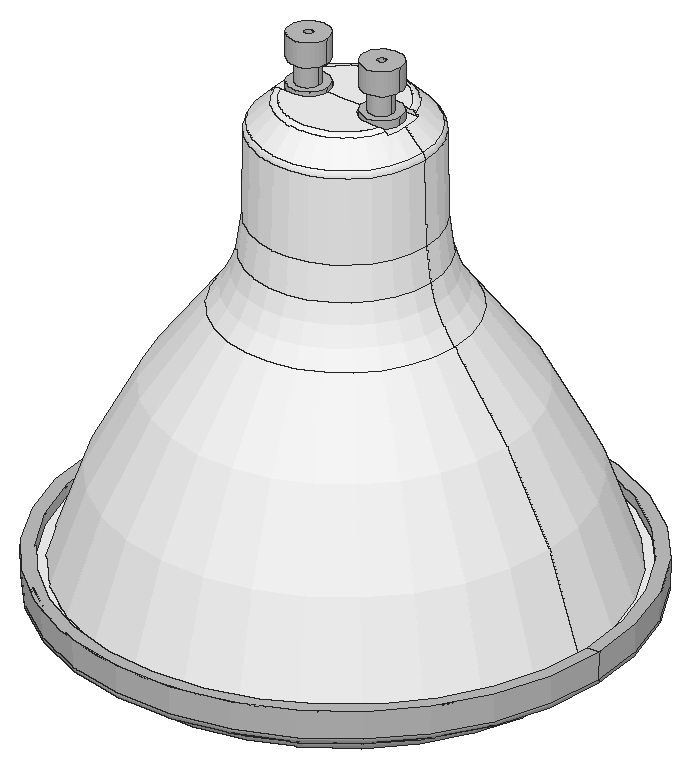
Revit family "STH6436_27", category Luminárias, Revit 2023
Family settings
  Cota do conector redondo = Utilizar diâmetro
  Tipo de parte = Normal
  Com base no plano de trabalho = Não
  Sempre na vertical = Sim
  Corte com vazios quando carregada = Não
  Fonte luminosa = Sim
  Manter orientação da anotação = Não
  Compartilhado = Não
  Ponto de cálculo do ambiente = Não
Parameters (values of type "STH6436/27 - BIVOLT - 2700K - 300lm - 24º")
  Ângulo de inclinação = 90.00°
  Ângulo de Abertura = "24º"
  Wattage = 2.01963 W
  URL = "https://stella.com.br/"
  Troca de temperatura da cor de lâmpada com esmaecimento = <Nenhum>
  Tensão Elétrica = "100V-240V"
  built-in parameter 1150107 = 2700 (stored number, unit not read)
  Temperatura da cor (K) = 2700 K
  Referência = "STH6436/27 - BIVOLT"
  Potência = 4.8 W
  built-in parameter 1150110 = 1 (stored number, unit not read)
  built-in parameter 1150109 = 1 (stored number, unit not read)
  built-in parameter 1114218 = 1 (stored number, unit not read)
  built-in parameter 1150112 = 1 (stored number, unit not read)
  built-in parameter 1150113 = 1 (stored number, unit not read)
  built-in parameter 1150142 = "IESNA:LM-63-2002\r\n[TEST] Viso BaseSpion - serial: 2183678036 sensor serial: 1483989726\r\n[TESTLAB] Viso BaseSpion - serial: 2183678036 sensor serial: 1483989726 - Test lab\r\n[MANUFAC] N/A\r\n[ISSUEDATE] 08/04/2020\r\n[LUMINAIRE] STELLA - STH6436/27 - AR70 EVO 24° 4,8W BDT\r\n[LUMCAT] N/A\r\n[_SERIALNUMBER] VFR-200408-0596-MS\r\nTILT=NONE\r\n1 365 1 181 9 1 2 0 0.09 0\r\n1.0 1.0 4.88\r\n0 1 2 3 4 5 6 7 8 9 10 11 12 13 14 15 16 17 18 19 20 21 22 23 24 25 26 27 28 29 30 31 32 33 34 35 36 37 38 39 40 41 42 43 44 45 46 47 48 49 50 51 52 53 54 55 56 57 58 59 60 61 62 63 64 65 66 67 68 69 70 71 72 73 74 75 76 77 78 79 80\r\n 81 82 83 84 85 86 87 88 89 90 91 92 93 94 95 96 97 98 99 100 101 102 103 104 105 106 107 108 109 110 111 112 113 114 115 116 117 118 119 120 121 122 123 124 125 126 127 128 129 130 131 132 133 134 135 136 137 138 139 140 141 142 143\r\n 144 145 146 147 148 149 150 151 152 153 154 155 156 157 158 159 160 161 162 163 164 165 166 167 168 169 170 171 172 173 174 175 176 177 178 179 180\r\n0 45 90 135 180 225 270 315 360 \r\n1092.5419 1089.2612 1072.1082 1043.6918 1006.6356 961.1347 907.0957 846.9178 782.9855 716.5441 649.9203 584.5883 521.8948 462.5318 407.7841 358.5035 314.173 274.5703 239.9458 210.277 184.554 162.7451 145.2984 132.0212 121.952 114.0833\r\n 107.5819 102.18 97.9442 94.9126 92.7533 91.1906 90.2044 89.5968 89.238 88.9262 88.3019 87.5664 87.0291 86.6408 86.4106 86.3913 86.3413 86.4428 86.6311 86.449 84.585 80.4844 74.5792 67.6713 60.5529 53.7477 47.3291 41.0318 35.1216 29.7951\r\n 25.0293 20.7919 17.12 13.6083 10.1761 7.7708 6.9507 6.529 6.245 5.9643 5.6966 5.5573 5.5081 5.414 5.2585 5.0267 4.3838 3.2679 1.8174 0.8235 0.4316 0.2347 0.18 0.1531 0.1205 0.0862 0.0867 0.0805 0.0625 0.0547 0.0423 0.0428 0.0453 0.0468\r\n 0.0588 0.0501 0.0412 0.0366 0.0281 0.0257 0.0362 0.0391 0.0527 0.0294 0.0331 0.0508 0.0466 0.0376 0.0409 0.0082 0 0 0 0 0 0 0 0 0 0 0 0 0 0 0 0 0 0 0 0 0 0 0 0 0 0 0 0 0 0 0 0 0 0 0 0 0 0 0 0 0 0 0 0 0 0 0 0 0 0 0 0 0 0 0 0 0 0 0\r\n 0 0 0 0 0 0 0 0 0 0 0 0 0 0 0 0\r\n1092.5419 1086.0067 1066.0554 1033.9978 993.3612 945.3686 889.5496 827.5864 761.0504 693.1555 626.0253 561.1747 499.9431 442.2817 389.2595 341.5992 298.3304 259.2676 225.7032 197.2823 172.9473 152.5478 136.0599 123.2715 113.0244 104.7796\r\n 98.2998 93.2356 89.297 86.3548 84.0007 82.1524 80.7501 79.8263 79.1351 78.5894 78.0458 77.5724 76.9778 76.3534 75.744 75.3178 74.9675 74.6839 74.4879 74.0294 72.3402 68.7996 63.9359 58.2481 52.1883 46.222 40.405 34.8149 29.6383 25.0424\r\n 21.0589 17.5498 14.4157 11.4005 8.6137 6.9352 6.3579 5.9821 5.6588 5.3609 5.1214 4.9231 4.8363 4.7082 4.504 4.1453 3.4463 2.512 1.4426 0.7047 0.3481 0.1475 0.0874 0.0582 0.0696 0.0625 0.0515 0.0551 0.0579 0.0585 0.0554 0.0504 0.0469\r\n 0.0448 0.0453 0.0401 0.0392 0.0297 0.0293 0.032 0.0267 0.0313 0.0366 0.0368 0.0399 0.0346 0.0262 0.0365 0.0409 0.0353 0 0 0 0 0 0 0 0 0 0 0 0 0 0 0 0 0 0 0 0 0 0 0 0 0 0 0 0 0 0 0 0 0 0 0 0 0 0 0 0 0 0 0 0 0 0 0 0 0 0 0 0 0 0 0 0\r\n 0 0 0 0 0 0 0 0 0 0 0 0 0 0 0 0 0 0 0\r\n1092.5419 1082.4946 1061.3075 1028.1232 985.9565 935.2231 877.7024 815.8375 751.131 684.4109 617.171 551.8822 489.6481 430.8747 377.1746 329.1868 286.0507 247.3676 213.4608 184.7437 161.022 142.2081 128.4741 118.4416 110.3575 103.6665\r\n 98.3541 94.2789 91.1523 88.9368 87.4514 86.3228 85.6707 85.3948 84.9382 84.3848 84.16 84.2166 84.0886 83.7235 83.2587 82.7272 82.3126 82.1371 81.66 80.3044 77.1931 72.4805 66.9202 60.681 54.1301 47.6373 41.4288 35.5215 30.2825 25.6237\r\n 21.4628 17.5201 13.8818 10.3207 8.1326 7.3672 6.9182 6.5942 6.2758 6.023 5.8234 5.771 5.7494 5.5668 5.1899 4.4553 3.262 1.8768 0.8833 0.4705 0.228 0.1728 0.1471 0.1204 0.0653 0.0826 0.0427 0.0427 0.0408 0.036 0.0682 0.0372 0.0329\r\n 0.0355 0.0377 0.0573 0.0469 0.0426 0.0417 0.0384 0.042 0.0447 0.0363 0.0631 0.0563 0.0533 0.0417 0.0481 0.059 0.0123 0 0 0 0 0 0 0 0 0 0 0 0 0 0 0 0 0 0 0 0 0 0 0 0 0 0 0 0 0 0 0 0 0 0 0 0 0 0 0 0 0 0 0 0 0 0 0 0 0 0 0 0 0 0 0 0 0\r\n 0 0 0 0 0 0 0 0 0 0 0 0 0 0 0 0 0 0\r\n1092.5419 1089.267 1069.6449 1038.3289 996.5013 945.1982 887.1699 824.5955 758.2723 690.3759 622.559 554.9786 489.5493 429.0645 374.6151 325.2558 281.1695 242.85 209.3972 180.5423 157.3184 139.4476 125.4801 115.0102 107.3239 101.4453\r\n 96.7594 92.9935 89.9967 87.6264 85.8666 84.7168 83.924 83.5375 83.2587 82.8735 82.5609 82.5909 82.6223 82.3998 81.9366 81.2799 80.8327 80.583 79.8096 77.6253 74.0393 69.0238 62.9969 56.6459 50.4852 44.6072 38.9685 33.464 28.229 23.569\r\n 19.6027 15.9305 12.1615 8.9826 7.7458 7.1831 6.7608 6.4533 6.1668 5.9625 5.8964 5.9275 5.794 5.5833 4.9626 3.9189 2.5256 1.2286 0.6193 0.3207 0.199 0.1239 0.1121 0.0923 0.0738 0.0551 0.0473 0.0434 0.0408 0.0389 0.0369 0.0347 0.0487\r\n 0.0527 0.054 0.0328 0.0388 0.0328 0.0528 0.0297 0.0311 0.0403 0.0323 0.0433 0.0351 0.0314 0.0333 0.0348 0.0337 0.0118 0 0 0 0 0 0 0 0 0 0 0 0 0 0 0 0 0 0 0 0 0 0 0 0 0 0 0 0 0 0 0 0 0 0 0 0 0 0 0 0 0 0 0 0 0 0 0 0 0 0 0 0 0 0 0 0\r\n 0 0 0 0 0 0 0 0 0 0 0 0 0 0 0 0 0 0 0\r\n1092.5419 1084.6514 1061.4503 1025.7654 979.011 922.2311 859.0429 792.1847 722.776 652.5135 583.5615 517.0654 453.3544 394.6157 342.2642 295.5818 254.3905 219.0347 188.9982 164.093 144.3575 129.1232 117.3725 108.2233 101.0555 95.1886\r\n 90.5187 87.1777 84.7883 83.3051 82.1811 81.247 80.6822 80.184 79.7225 79.5808 79.7315 80.2401 80.6054 80.5738 80.546 80.0644 79.9112 79.972 79.3055 77.2255 73.5885 68.4811 62.4427 56.0818 49.7499 43.6847 37.9202 32.6893 27.939 23.633\r\n 19.6736 15.9024 12.0602 8.7549 7.5341 7.0579 6.707 6.4422 6.2006 6.0024 5.9395 5.894 5.7928 5.4903 4.7925 3.7605 2.4519 1.2308 0.5462 0.2644 0.1909 0.1473 0.0908 0.097 0.0954 0.0445 0.0454 0.0342 0.0527 0.0579 0.0434 0.0352 0.0255\r\n 0.0363 0.0448 0.0349 0.0341 0.0365 0.0286 0.0344 0.0427 0.0402 0.0421 0.0494 0.0528 0.0436 0.0335 0.0351 0.0427 0.0288 0 0 0 0 0 0 0 0 0 0 0 0 0 0 0 0 0 0 0 0 0 0 0 0 0 0 0 0 0 0 0 0 0 0 0 0 0 0 0 0 0 0 0 0 0 0 0 0 0 0 0 0 0 0 0 0\r\n 0 0 0 0 0 0 0 0 0 0 0 0 0 0 0 0 0 0 0\r\n1092.5419 1081.6989 1057.2148 1020.2125 972.2452 915.2985 851.996 784.7985 714.9532 645.2401 576.6395 509.8452 446.847 389.6461 338.9607 293.7602 253.7644 219.2848 189.4104 163.8463 143.4646 128.0365 116.0483 106.4093 98.8534 92.9162\r\n 88.1587 84.469 81.5877 79.3683 77.8134 76.8509 76.1179 75.3534 74.5302 73.8707 73.4747 73.1693 72.8653 72.5405 72.109 71.5213 71.1158 70.8689 70.4376 68.872 65.8592 61.482 56.1691 50.4939 44.8458 39.3838 34.1374 29.362 25.0588 21.1433\r\n 17.741 14.7072 11.6308 8.5446 6.9066 6.2956 5.9384 5.6532 5.3923 5.1726 5.0267 4.8944 4.7158 4.5564 4.2003 3.5854 2.6624 1.4476 0.6645 0.2748 0.1215 0.0902 0.1037 0.0643 0.0544 0.0693 0.0401 0.0643 0.0451 0.0406 0.0502 0.0333 0.045\r\n 0.044 0.0286 0.0517 0.0333 0.0604 0.0403 0.0396 0.0439 0.0515 0.0457 0.0372 0.042 0.0277 0.0412 0.0312 0.0449 0.0097 0 0 0 0 0 0 0 0 0 0 0 0 0 0 0 0 0 0 0 0 0 0 0 0 0 0 0 0 0 0 0 0 0 0 0 0 0 0 0 0 0 0 0 0 0 0 0 0 0 0 0 0 0 0 0 0 0\r\n 0 0 0 0 0 0 0 0 0 0 0 0 0 0 0 0 0 0\r\n1092.5419 1082.4747 1062.9331 1032.7535 992.0231 942.5739 886.127 824.8831 759.1731 691.2838 624.1992 559.321 496.6 437.7874 384.6532 336.1691 291.8232 253.3626 220.8321 192.1763 168.122 149.5705 135.7607 124.7582 115.7432 108.6128\r\n 103.1258 99.16 96.4267 94.2305 92.2666 90.6664 89.5218 88.7544 88.4378 88.3388 88.3862 88.1517 87.8469 87.3591 87.2317 87.2587 87.1311 87.1543 87.1612 86.4973 83.4646 78.3008 71.9944 65.3471 58.5203 51.4498 44.5985 38.319 32.8185\r\n 27.9243 23.529 19.5839 15.8957 12.0545 8.5723 7.3328 6.8828 6.5895 6.3533 6.1248 5.9132 5.8652 5.7784 5.6324 5.4093 4.8572 3.8896 2.4977 1.1945 0.5465 0.2872 0.1982 0.1922 0.1413 0.1039 0.0922 0.0717 0.064 0.0692 0.0505 0.0386 0.026\r\n 0.0354 0.036 0.03 0.0495 0.0614 0.0337 0.0313 0.0362 0.0326 0.0372 0.0391 0.0461 0.0505 0.0433 0.0479 0.0533 0.0434 0.039 0 0 0 0 0 0 0 0 0 0 0 0 0 0 0 0 0 0 0 0 0 0 0 0 0 0 0 0 0 0 0 0 0 0 0 0 0 0 0 0 0 0 0 0 0 0 0 0 0 0 0 0 0 0\r\n 0 0 0 0 0 0 0 0 0 0 0 0 0 0 0 0 0 0 0 0 0\r\n1092.5419 1090.2148 1074.3829 1047.0994 1009.209 962.0762 907.5051 847.127 782.9332 717.3719 651.2692 586.5782 524.1208 465.4266 411.6021 363.664 319.9503 279.5602 243.009 211.3254 184.7207 162.875 145.2493 132.187 122.2607 114.6302\r\n 109.2003 105.2252 101.8282 99.1719 97.4724 96.3206 95.4805 94.658 94.0173 93.4434 92.6088 92.194 92.1354 91.7766 91.5572 91.3924 91.3234 91.4983 91.3786 90.1288 86.8837 81.6874 75.4104 68.4901 61.2808 54.2572 47.4404 40.7869 34.6186\r\n 29.0477 24.3099 20.1891 16.4219 12.7937 9.338 7.4092 6.9546 6.6621 6.3777 6.128 5.8854 5.7893 5.6865 5.5133 5.2701 4.8784 4.028 2.7921 1.5054 0.6833 0.3461 0.21 0.1651 0.136 0.1182 0.0852 0.0802 0.06 0.0658 0.0501 0.0545 0.0522 0.0465\r\n 0.0292 0.0258 0.0426 0.0506 0.0396 0.0303 0.0308 0.0372 0.0431 0.0502 0.0491 0.0324 0.0302 0.0332 0.0363 0.0517 0.0634 0 0 0 0 0 0 0 0 0 0 0 0 0 0 0 0 0 0 0 0 0 0 0 0 0 0 0 0 0 0 0 0 0 0 0 0 0 0 0 0 0 0 0 0 0 0 0 0 0 0 0 0 0 0 0 0\r\n 0 0 0 0 0 0 0 0 0 0 0 0 0 0 0 0 0 0 0\r\n1092.5419 1089.2612 1072.1082 1043.6918 1006.6356 961.1347 907.0957 846.9178 782.9855 716.5441 649.9203 584.5883 521.8948 462.5318 407.7841 358.5035 314.173 274.5703 239.9458 210.277 184.554 162.7451 145.2984 132.0212 121.952 114.0833\r\n 107.5819 102.18 97.9442 94.9126 92.7533 91.1906 90.2044 89.5968 89.238 88.9262 88.3019 87.5664 87.0291 86.6408 86.4106 86.3913 86.3413 86.4428 86.6311 86.449 84.585 80.4844 74.5792 67.6713 60.5529 53.7477 47.3291 41.0318 35.1216 29.7951\r\n 25.0293 20.7919 17.12 13.6083 10.1761 7.7708 6.9507 6.529 6.245 5.9643 5.6966 5.5573 5.5081 5.414 5.2585 5.0267 4.3838 3.2679 1.8174 0.8235 0.4316 0.2347 0.18 0.1531 0.1205 0.0862 0.0867 0.0805 0.0625 0.0547 0.0423 0.0428 0.0453 0.0468\r\n 0.0588 0.0501 0.0412 0.0366 0.0281 0.0257 0.0362 0.0391 0.0527 0.0294 0.0331 0.0508 0.0466 0.0376 0.0409 0.0082 0 0 0 0 0 0 0 0 0 0 0 0 0 0 0 0 0 0 0 0 0 0 0 0 0 0 0 0 0 0 0 0 0 0 0 0 0 0 0 0 0 0 0 0 0 0 0 0 0 0 0 0 0 0 0 0 0 0 0\r\n 0 0 0 0 0 0 0 0 0 0 0 0 0 0 0 0\r\n"
  built-in parameter 1150132 = 2
  built-in parameter 1150137 = (empty or 0)
  Modelo = "AR70 EVO Dimerizável BDT"
  Luminoso [instance] = Luminoso - 2700K
  built-in parameter 1150106 = 8.9798 (stored number, unit not read)
  built-in parameter 1150102 = (empty or 0)
  built-in parameter 1150105 = 897.98 (stored number, unit not read)
  IRC (Índice de reprodução de cores) = ">80"
  Grau de proteção (IP) = "IP20"
  Fluxo Luminoso = 300 lm
  Color Filter = 16777215
  built-in parameter 1114217 = 1 (stored number, unit not read)
  built-in parameter 1150139 = (empty or 0)
  Fabricante = "Stella"
  Estrutura [instance] = Al - Branco
  Default Elevation = 0.00 m
  built-in parameter 1150104 = 13.8 (stored number, unit not read)
  Diâmetro = 0.07 m
  Dimerização = "20-100%"
  built-in parameter 1150115 = 1 (stored number, unit not read)
  built-in parameter 1150114 = 1 (stored number, unit not read)
  Cromado [instance] = Cromado
  Lumens = 300 lm
  built-in parameter 1150138 = (empty or 0)
  built-in parameter 1150134 = (empty or 0)
  Arquivo de rede fotométrica = "STELLA - STH6436-27 - AR70 EVO 24° 4,8W BDT.ies"
  Altura = 0.072 m
  built-in parameter 1150133 = 10 (stored number, unit not read)
Reference planes (m)
  plane 1 "Centro (Frente/Trás)": y = 0
  plane 2: z = 0
  plane 3 "Centro (Esquerda/Direita)": x = 0
  plane 4: x = 0.035
  plane 5: x = -0.035
  plane 6 "Superior": z = 0.064573
  plane 7 "Base": z = -0.007427
  plane 8: y = 0.035
  plane 9: y = -0.035
  plane 10 "Centro (Frente/Trás)": y = 0
  plane 11 "Centro (Esquerda/Direita)": x = 0
  plane 12: x = 0.035
  plane 13: x = -0.035
  plane 14 "Superior": z = 0.064573
  plane 15 "Base": z = -0.007427
Forms (m)
  Extrusion 1, void
    sketch origin (0.017547, -0.129323, 0) x (1, 0, 0) y (0, 1, 0)
      loop
        arc (-0.019858, 0.129323) -> (-0.020631, 0.131192) -> (-0.0225, 0.131966) r 0.002642
        line (-0.0225, 0.131966) -> (-0.026641, 0.131966)
        arc (-0.026641, 0.131966) -> (-0.026738, 0.130731) -> (-0.026775, 0.129493) r 0.025985
        arc (-0.026775, 0.129493) -> (-0.026747, 0.128085) -> (-0.026641, 0.126681) r 0.025985
        line (-0.026641, 0.126681) -> (-0.0225, 0.126681)
        arc (-0.0225, 0.126681) -> (-0.020631, 0.127455) -> (-0.019858, 0.129323) r 0.002642
    from 0.0549 to 0.0559
  Extrusion 2, solid, material "Cromado" <- "Cromado"
    sketch origin (0, 0, 0) x (1, 0, 0) y (0, 1, 0)
      loop
        circle (-0.005, 0) r 0.0025
    from 0.0549 to 0.0559
  Extrusion 3, solid, material "Cromado" <- "Cromado"
    sketch origin (-0.0001, 0, 0) x (1, 0, 0) y (0, 1, 0)
      loop
        circle (-0.005, 0) r 0.0015
    from 0.0559 to 0.0589
  Extrusion 4, solid, material "Cromado" <- "Cromado"
    sketch origin (0, 0, 0) x (1, 0, 0) y (0, 1, 0)
      loop
        circle (-0.005, 0) r 0.0025
    from 0.0619 to 0.0589
  Extrusion 5, solid, material "Cromado" <- "Cromado"
    sketch origin (0, 0, 0) x (-1, 0, 0) y (0, -1, 0)
      loop
        circle (-0.005, 0) r 0.0025
    from 0.0549 to 0.0559
  Extrusion 6, solid, material "Cromado" <- "Cromado"
    sketch origin (-0.0001, 0, 0) x (-1, 0, 0) y (0, -1, 0)
      loop
        circle (-0.005, 0) r 0.0015
    from 0.0559 to 0.0589
  Extrusion 7, solid, material "Cromado" <- "Cromado"
    sketch origin (0, 0, 0) x (-1, 0, 0) y (0, -1, 0)
      loop
        circle (-0.005, 0) r 0.0025
    from 0.0619 to 0.0589
  Extrusion 8, void
    sketch origin (-0.000028, 0, 0) x (1, 0, 0) y (0, 1, 0)
      loop
        circle (-0.004972, 0) r 0.0005
    from 0.0619 to 0.0549
  Extrusion 9, void
    sketch origin (0, 0, 0) x (-1, 0, 0) y (0, -1, 0)
      loop
        circle (-0.005, 0) r 0.0005
    from 0.0549 to 0.0619
  Revolve 10, solid, material "Cromado" <- "Cromado"
    sketch origin (0, 0, 0) x (1, 0, 0) y (0, 0, 1)
      loop
        line (0.028274, -0.007427) -> (0.029074, -0.007427)
        arc (0.029074, -0.007427) -> (0.029945, -0.00713) -> (0.030455, -0.006363) r 0.001429
        line (0.030455, -0.006363) -> (0.030896, -0.0049) -> (0.032454, -0.0049)
        arc (0.032454, -0.0049) -> (0.032856, -0.00486) -> (0.033229, -0.004705) r 0.001364
        line (0.033229, -0.004705) -> (0.034261, -0.00408)
        arc (0.034261, -0.00408) -> (0.034548, -0.003779) -> (0.034643, -0.003373) r 0.000793
        line (0.034643, -0.003373) -> (0.034702, 0) -> (0.033102, 0) -> (0.033079, -0.0013) -> (0.033902, -0.0013) -> (0.033902, -0.0021) -> (0.033164, -0.003116) -> (0.032544, -0.0036) -> (0.029761, -0.0036) -> (0.029605, -0.004446)
        arc (0.029605, -0.004446) -> (0.029228, -0.005086) -> (0.028589, -0.005466) r 0.001495
        arc (0.028589, -0.005466) -> (0.028149, -0.005347) -> (0.027896, -0.004966) r 0.000649
        arc (0.027896, -0.004966) -> (0.021777, 0.00596) -> (0.014324, 0.016022) r 0.098647
        arc (0.014324, 0.016022) -> (0.014007, 0.016293) -> (0.013602, 0.01639) r 0.000892
        line (0.013602, 0.01639) -> (0.011321, 0.01639) -> (0.011321, 0.01519) -> (0.013717, 0.01519)
        arc (0.013717, 0.01519) -> (0.02144, 0.004632) -> (0.027682, -0.006864) r 0.097647
        arc (0.027682, -0.006864) -> (0.027924, -0.007202) -> (0.028274, -0.007427) r 0.001101
      axis (0, 0.01639) -> (0, -0.007427)
    angle from 0 to 360
  Revolve 11, solid, material "Al - Branco" <- "Estrutura"
    sketch origin (0, 0, 0) x (1, 0, 0) y (0, 0, 1)
      loop
        arc (0.009999, 0.041174) -> (0.010203, 0.038992) -> (0.010573, 0.036832) r 0.028692
        arc (0.010573, 0.036832) -> (0.011085, 0.034849) -> (0.011773, 0.03292) r 0.022775
        line (0.011773, 0.03292) -> (0.011797, 0.03163)
        arc (0.011797, 0.03163) -> (0.011903, 0.031105) -> (0.012186, 0.03065) r 0.0015
        arc (0.012186, 0.03065) -> (0.015163, 0.027191) -> (0.017959, 0.023584) r 0.0889
        arc (0.017959, 0.023584) -> (0.025148, 0.012044) -> (0.030494, -0.000458) r 0.0889
        line (0.030494, -0.000458) -> (0.030534, -0.0016) -> (0.029534, -0.0016) -> (0.029534, -0.0024) -> (0.0302, -0.0035) -> (0.032, -0.0035) -> (0.033451, -0.002049) -> (0.0338, -0.0013) -> (0.031923, -0.0013)
        arc (0.031923, -0.0013) -> (0.025236, 0.015494) -> (0.014975, 0.030377) r 0.080631
        arc (0.014975, 0.030377) -> (0.012885, 0.033505) -> (0.011649, 0.037059) r 0.014848
        arc (0.011649, 0.037059) -> (0.011286, 0.039197) -> (0.011091, 0.041357) r 0.027592
        line (0.011091, 0.041357) -> (0.010909, 0.051767)
        arc (0.010909, 0.051767) -> (0.01083, 0.052201) -> (0.010614, 0.052586) r 0.001348
        line (0.010614, 0.052586) -> (0.008018, 0.055182)
        arc (0.008018, 0.055182) -> (0.007664, 0.055418) -> (0.007247, 0.0555) r 0.001086
        line (0.007247, 0.0555) -> (0, 0.0555) -> (0, 0.0542) -> (0.007303, 0.0542) -> (0.00981, 0.051693) -> (0.009992, 0.041298)
      axis (0, 0.0555) -> (0, -0.0035)
    angle from 0 to 360
  Revolve 12, solid, material "Luminoso - 2700K" <- "Luminoso"
    sketch origin (0, 0, 0) x (1, 0, 0) y (0, 0, 1)
      loop
        arc (0.006569, 0.006435) -> (0.009729, 0.011069) -> (0.011171, 0.01649) r 0.01665
        line (0.011171, 0.01649) -> (0.015171, 0.01649) -> (0.015171, 0.018) -> (0.011311, 0.018)
        arc (0.011311, 0.018) -> (0.009983, 0.017496) -> (0.009325, 0.016238) r 0.002
        arc (0.009325, 0.016238) -> (0.00859, 0.013079) -> (0.007187, 0.010156) r 0.01484
        arc (0.007187, 0.010156) -> (0.005894, 0.008746) -> (0.004178, 0.0079) r 0.005191
        line (0.004178, 0.0079) -> (0, 0.0079) -> (0, 0.00618) -> (0.006569, 0.006435)
      axis (0, 0.018) -> (0, 0.00618)
    angle from 0 to 360
  Revolve 13, solid, material "Cromado" <- "Cromado"
    sketch origin (0, 0, 0) x (1, 0, 0) y (0, 0, 1)
      loop
        arc (0.006279, -0.00097) -> (0.003286, 0.002493) -> (0, 0.00568) r 0.05201
        line (0, 0.00568) -> (0, -0.00652) -> (0.003465, -0.00652)
        arc (0.003465, -0.00652) -> (0.005611, -0.005631) -> (0.0065, -0.003485) r 0.003035
        line (0.0065, -0.003485) -> (0.0065, -0.001773)
        arc (0.0065, -0.001773) -> (0.006444, -0.001357) -> (0.006279, -0.00097) r 0.001569
      axis (0, 0.00568) -> (0, -0.00652)
    angle from 0 to 360
  Revolve 14, solid, material "Cromado" <- "Cromado"
    sketch origin (0, 0, 0) x (1, 0, 0) y (0, 0, 1)
      loop
        arc (0, 0.00618) -> (0.003353, 0.002958) -> (0.006408, -0.000549) r 0.052318
        line (0.006408, -0.000549) -> (0.006569, 0.006435) -> (0, 0.00618)
      axis (0, 0.006435) -> (0, -0.000549)
    angle from 0 to 360
  Extrusion 15, solid, material "Cromado" <- "Cromado"
    sketch origin (0, 0, 0) x (1, 0, 0) y (0, 0, 1)
      loop
        arc (0.006444, -0.001357) -> (0.006492, -0.001755) -> (0.0065, -0.002157) r 0.003999
        line (0.0065, -0.002157) -> (0.0065, -0.003485)
        arc (0.0065, -0.003485) -> (0.005611, -0.005631) -> (0.003465, -0.00652) r 0.003035
        line (0.003465, -0.00652) -> (0, -0.00652) -> (-0.003465, -0.00652)
        arc (-0.003465, -0.00652) -> (-0.005611, -0.005631) -> (-0.0065, -0.003485) r 0.003035
        line (-0.0065, -0.003485) -> (-0.0065, -0.002157)
        arc (-0.0065, -0.002157) -> (-0.006492, -0.001755) -> (-0.006444, -0.001357) r 0.003999
        line (-0.006444, -0.001357) -> (-0.02, 0.00228) -> (-0.024712, 0.00228)
        arc (-0.024712, 0.00228) -> (-0.026164, 0.001571) -> (-0.027255, 0.00038) r 0.004334
        line (-0.027255, 0.00038) -> (-0.025527, 0.00038) -> (-0.025475, -0.002602) -> (-0.0085, -0.00712) -> (0.0085, -0.00712) -> (0.025475, -0.002602) -> (0.025527, 0.00038) -> (0.027255, 0.00038)
        arc (0.027255, 0.00038) -> (0.026164, 0.001571) -> (0.024712, 0.00228) r 0.004334
        line (0.024712, 0.00228) -> (0.02, 0.00228) -> (0.006444, -0.001357)
    from -0.000705 to 0.0007
  Extrusion 16, void
    sketch origin (-0.017547, -0.129323, 0) x (-1, 0, 0) y (0, -1, 0)
      loop
        arc (-0.019858, -0.129323) -> (-0.020631, -0.127455) -> (-0.0225, -0.126681) r 0.002642
        line (-0.0225, -0.126681) -> (-0.026641, -0.126681)
        arc (-0.026641, -0.126681) -> (-0.026747, -0.128085) -> (-0.026775, -0.129493) r 0.025985
        arc (-0.026775, -0.129493) -> (-0.026738, -0.130731) -> (-0.026641, -0.131966) r 0.025985
        line (-0.026641, -0.131966) -> (-0.0225, -0.131966)
        arc (-0.0225, -0.131966) -> (-0.020631, -0.131192) -> (-0.019858, -0.129323) r 0.002642
    from 0.0549 to 0.0559
  Extrusion 17, void, not visible
    sketch origin (0.017547, -0.129323, 0) x (1, 0, 0) y (0, 1, 0)
      loop
        arc (-0.019858, 0.129323) -> (-0.020631, 0.131192) -> (-0.0225, 0.131966) r 0.002642
        line (-0.0225, 0.131966) -> (-0.026641, 0.131966)
        arc (-0.026641, 0.131966) -> (-0.026738, 0.130731) -> (-0.026775, 0.129493) r 0.025985
        arc (-0.026775, 0.129493) -> (-0.026747, 0.128085) -> (-0.026641, 0.126681) r 0.025985
        line (-0.026641, 0.126681) -> (-0.0225, 0.126681)
        arc (-0.0225, 0.126681) -> (-0.020631, 0.127455) -> (-0.019858, 0.129323) r 0.002642
    from 0.0549 to 0.0559
  Extrusion 18, solid, material "Cromado" <- "Cromado", not visible
    sketch origin (0, 0, 0) x (1, 0, 0) y (0, 1, 0)
      loop
        circle (-0.005, 0) r 0.0025
    from 0.0549 to 0.0559
  Extrusion 19, solid, material "Cromado" <- "Cromado", not visible
    sketch origin (-0.0001, 0, 0) x (1, 0, 0) y (0, 1, 0)
      loop
        circle (-0.005, 0) r 0.0015
    from 0.0559 to 0.0589
  Extrusion 20, solid, material "Cromado" <- "Cromado", not visible
    sketch origin (0, 0, 0) x (1, 0, 0) y (0, 1, 0)
      loop
        circle (-0.005, 0) r 0.0025
    from 0.0619 to 0.0589
  Extrusion 21, solid, material "Cromado" <- "Cromado", not visible
    sketch origin (0, 0, 0) x (-1, 0, 0) y (0, -1, 0)
      loop
        circle (-0.005, 0) r 0.0025
    from 0.0549 to 0.0559
  Extrusion 22, solid, material "Cromado" <- "Cromado", not visible
    sketch origin (-0.0001, 0, 0) x (-1, 0, 0) y (0, -1, 0)
      loop
        circle (-0.005, 0) r 0.0015
    from 0.0559 to 0.0589
  Extrusion 23, solid, material "Cromado" <- "Cromado", not visible
    sketch origin (0, 0, 0) x (-1, 0, 0) y (0, -1, 0)
      loop
        circle (-0.005, 0) r 0.0025
    from 0.0619 to 0.0589
  Extrusion 24, void, not visible
    sketch origin (-0.000028, 0, 0) x (1, 0, 0) y (0, 1, 0)
      loop
        circle (-0.004972, 0) r 0.0005
    from 0.0619 to 0.0549
  Extrusion 25, void, not visible
    sketch origin (0, 0, 0) x (-1, 0, 0) y (0, -1, 0)
      loop
        circle (-0.005, 0) r 0.0005
    from 0.0549 to 0.0619
  Revolve 26, solid, material "Cromado" <- "Cromado", not visible
    sketch origin (0, 0, 0) x (1, 0, 0) y (0, 0, 1)
      loop
        line (0.028274, -0.007427) -> (0.029074, -0.007427)
        arc (0.029074, -0.007427) -> (0.029945, -0.00713) -> (0.030455, -0.006363) r 0.001429
        line (0.030455, -0.006363) -> (0.030896, -0.0049) -> (0.032454, -0.0049)
        arc (0.032454, -0.0049) -> (0.032856, -0.00486) -> (0.033229, -0.004705) r 0.001364
        line (0.033229, -0.004705) -> (0.034261, -0.00408)
        arc (0.034261, -0.00408) -> (0.034548, -0.003779) -> (0.034643, -0.003373) r 0.000793
        line (0.034643, -0.003373) -> (0.034702, 0) -> (0.033102, 0) -> (0.033079, -0.0013) -> (0.033902, -0.0013) -> (0.033902, -0.0021) -> (0.033164, -0.003116) -> (0.032544, -0.0036) -> (0.029761, -0.0036) -> (0.029605, -0.004446)
        arc (0.029605, -0.004446) -> (0.029228, -0.005086) -> (0.028589, -0.005466) r 0.001495
        arc (0.028589, -0.005466) -> (0.028149, -0.005347) -> (0.027896, -0.004966) r 0.000649
        arc (0.027896, -0.004966) -> (0.021777, 0.00596) -> (0.014324, 0.016022) r 0.098647
        arc (0.014324, 0.016022) -> (0.014007, 0.016293) -> (0.013602, 0.01639) r 0.000892
        line (0.013602, 0.01639) -> (0.011321, 0.01639) -> (0.011321, 0.01519) -> (0.013717, 0.01519)
        arc (0.013717, 0.01519) -> (0.02144, 0.004632) -> (0.027682, -0.006864) r 0.097647
        arc (0.027682, -0.006864) -> (0.027924, -0.007202) -> (0.028274, -0.007427) r 0.001101
      axis (0, 0.01639) -> (0, -0.007427)
    angle from 0 to 360
  Revolve 27, solid, material "Al - Branco" <- "Estrutura", not visible
    sketch origin (0, 0, 0) x (1, 0, 0) y (0, 0, 1)
      loop
        arc (0.009999, 0.041174) -> (0.010203, 0.038992) -> (0.010573, 0.036832) r 0.028692
        arc (0.010573, 0.036832) -> (0.011085, 0.034849) -> (0.011773, 0.03292) r 0.022775
        line (0.011773, 0.03292) -> (0.011797, 0.03163)
        arc (0.011797, 0.03163) -> (0.011903, 0.031105) -> (0.012186, 0.03065) r 0.0015
        arc (0.012186, 0.03065) -> (0.015163, 0.027191) -> (0.017959, 0.023584) r 0.0889
        arc (0.017959, 0.023584) -> (0.025148, 0.012044) -> (0.030494, -0.000458) r 0.0889
        line (0.030494, -0.000458) -> (0.030534, -0.0016) -> (0.029534, -0.0016) -> (0.029534, -0.0024) -> (0.0302, -0.0035) -> (0.032, -0.0035) -> (0.033451, -0.002049) -> (0.0338, -0.0013) -> (0.031923, -0.0013)
        arc (0.031923, -0.0013) -> (0.025236, 0.015494) -> (0.014975, 0.030377) r 0.080631
        arc (0.014975, 0.030377) -> (0.012885, 0.033505) -> (0.011649, 0.037059) r 0.014848
        arc (0.011649, 0.037059) -> (0.011286, 0.039197) -> (0.011091, 0.041357) r 0.027592
        line (0.011091, 0.041357) -> (0.010909, 0.051767)
        arc (0.010909, 0.051767) -> (0.01083, 0.052201) -> (0.010614, 0.052586) r 0.001348
        line (0.010614, 0.052586) -> (0.008018, 0.055182)
        arc (0.008018, 0.055182) -> (0.007664, 0.055418) -> (0.007247, 0.0555) r 0.001086
        line (0.007247, 0.0555) -> (0, 0.0555) -> (0, 0.0542) -> (0.007303, 0.0542) -> (0.00981, 0.051693) -> (0.009992, 0.041298)
      axis (0, 0.0555) -> (0, -0.0035)
    angle from 0 to 360
  Revolve 28, solid, material "Luminoso - 2700K" <- "Luminoso", not visible
    sketch origin (0, 0, 0) x (1, 0, 0) y (0, 0, 1)
      loop
        arc (0.006569, 0.006435) -> (0.009729, 0.011069) -> (0.011171, 0.01649) r 0.01665
        line (0.011171, 0.01649) -> (0.015171, 0.01649) -> (0.015171, 0.018) -> (0.011311, 0.018)
        arc (0.011311, 0.018) -> (0.009983, 0.017496) -> (0.009325, 0.016238) r 0.002
        arc (0.009325, 0.016238) -> (0.00859, 0.013079) -> (0.007187, 0.010156) r 0.01484
        arc (0.007187, 0.010156) -> (0.005894, 0.008746) -> (0.004178, 0.0079) r 0.005191
        line (0.004178, 0.0079) -> (0, 0.0079) -> (0, 0.00618) -> (0.006569, 0.006435)
      axis (0, 0.018) -> (0, 0.00618)
    angle from 0 to 360
  Revolve 29, solid, material "Cromado" <- "Cromado", not visible
    sketch origin (0, 0, 0) x (1, 0, 0) y (0, 0, 1)
      loop
        arc (0.006279, -0.00097) -> (0.003286, 0.002493) -> (0, 0.00568) r 0.05201
        line (0, 0.00568) -> (0, -0.00652) -> (0.003465, -0.00652)
        arc (0.003465, -0.00652) -> (0.005611, -0.005631) -> (0.0065, -0.003485) r 0.003035
        line (0.0065, -0.003485) -> (0.0065, -0.001773)
        arc (0.0065, -0.001773) -> (0.006444, -0.001357) -> (0.006279, -0.00097) r 0.001569
      axis (0, 0.00568) -> (0, -0.00652)
    angle from 0 to 360
  Revolve 30, solid, material "Cromado" <- "Cromado", not visible
    sketch origin (0, 0, 0) x (1, 0, 0) y (0, 0, 1)
      loop
        arc (0, 0.00618) -> (0.003353, 0.002958) -> (0.006408, -0.000549) r 0.052318
        line (0.006408, -0.000549) -> (0.006569, 0.006435) -> (0, 0.00618)
      axis (0, 0.006435) -> (0, -0.000549)
    angle from 0 to 360
  Extrusion 31, solid, material "Cromado" <- "Cromado", not visible
    sketch origin (0, 0, 0) x (1, 0, 0) y (0, 0, 1)
      loop
        arc (0.006444, -0.001357) -> (0.006492, -0.001755) -> (0.0065, -0.002157) r 0.003999
        line (0.0065, -0.002157) -> (0.0065, -0.003485)
        arc (0.0065, -0.003485) -> (0.005611, -0.005631) -> (0.003465, -0.00652) r 0.003035
        line (0.003465, -0.00652) -> (0, -0.00652) -> (-0.003465, -0.00652)
        arc (-0.003465, -0.00652) -> (-0.005611, -0.005631) -> (-0.0065, -0.003485) r 0.003035
        line (-0.0065, -0.003485) -> (-0.0065, -0.002157)
        arc (-0.0065, -0.002157) -> (-0.006492, -0.001755) -> (-0.006444, -0.001357) r 0.003999
        line (-0.006444, -0.001357) -> (-0.02, 0.00228) -> (-0.024712, 0.00228)
        arc (-0.024712, 0.00228) -> (-0.026164, 0.001571) -> (-0.027255, 0.00038) r 0.004334
        line (-0.027255, 0.00038) -> (-0.025527, 0.00038) -> (-0.025475, -0.002602) -> (-0.0085, -0.00712) -> (0.0085, -0.00712) -> (0.025475, -0.002602) -> (0.025527, 0.00038) -> (0.027255, 0.00038)
        arc (0.027255, 0.00038) -> (0.026164, 0.001571) -> (0.024712, 0.00228) r 0.004334
        line (0.024712, 0.00228) -> (0.02, 0.00228) -> (0.006444, -0.001357)
    from -0.000705 to 0.0007
  Extrusion 32, void, not visible
    sketch origin (-0.017547, -0.129323, 0) x (-1, 0, 0) y (0, -1, 0)
      loop
        arc (-0.019858, -0.129323) -> (-0.020631, -0.127455) -> (-0.0225, -0.126681) r 0.002642
        line (-0.0225, -0.126681) -> (-0.026641, -0.126681)
        arc (-0.026641, -0.126681) -> (-0.026747, -0.128085) -> (-0.026775, -0.129493) r 0.025985
        arc (-0.026775, -0.129493) -> (-0.026738, -0.130731) -> (-0.026641, -0.131966) r 0.025985
        line (-0.026641, -0.131966) -> (-0.0225, -0.131966)
        arc (-0.0225, -0.131966) -> (-0.020631, -0.131192) -> (-0.019858, -0.129323) r 0.002642
    from 0.0549 to 0.0559
Cuts and joins
  Extrusion 8, Extrusion 9 cuts Extrusion 2
  Extrusion 8, Extrusion 9 cuts Extrusion 3
  Extrusion 8, Extrusion 9 cuts Extrusion 4
  joined: Extrusion 2, Extrusion 3, Extrusion 4
  Extrusion 9 cuts Extrusion 5
  Extrusion 9 cuts Extrusion 6
  Extrusion 9 cuts Extrusion 7
  joined: Extrusion 5, Extrusion 6, Extrusion 7
  Extrusion 1, Extrusion 16 cuts Revolve 11
Dimensions and locks (m)
  "Altura": plane 6 "Superior" to plane 7 "Base"
  "Diâmetro": plane 8 to plane 9
  aligned and locked: level to plane 2
  aligned and locked: Extrusion 3 to Extrusion 4
  aligned and locked: Extrusion 6 to Extrusion 7
Automatic sketch dimensions
  Extrusion 1 sketch curve to Extrusion 1 sketch curve = 0.00 m  (x7)
  Extrusion 1 sketch curve to Extrusion 1 sketch curve = 0.004141 m  (x2)
  Extrusion 8 sketch curve to Extrusion 8 sketch curve = 0.0005 m
  Revolve 10 sketch curve to Revolve 10 sketch curve = 0.00 m  (x4)
  Revolve 10 sketch curve to Revolve 10 sketch curve = 0.002281 m
  Revolve 10 sketch curve to Revolve 10 sketch curve = 0.000115 m
  Revolve 10 sketch curve to Revolve 10 sketch curve = 0.000105 m
  Revolve 10 sketch curve to Revolve 10 sketch curve = 0.00036 m
  Revolve 10 sketch curve to Revolve 10 sketch curve = 0.000409 m
  Revolve 10 sketch curve to Revolve 10 sketch curve = 0.0008 m  (x3)
  Revolve 10 sketch curve to Revolve 10 sketch curve = 0.001076 m
  Revolve 10 sketch curve to Revolve 10 sketch curve = 0.000156 m
  Revolve 10 sketch curve to Revolve 10 sketch curve = 0.001381 m
  Revolve 10 sketch curve to Revolve 10 sketch curve = 0.001291 m
  Revolve 10 sketch curve to Revolve 10 sketch curve = 0.001558 m
  Revolve 10 sketch curve to Revolve 10 sketch curve = 0.000069 m
  Revolve 10 sketch curve to Revolve 10 sketch curve = 0.000021 m
  Revolve 10 sketch curve to Revolve 10 sketch curve = 0.000023 m
  Revolve 10 sketch curve to Revolve 10 sketch curve = 0.000642 m
  Revolve 10 sketch curve to Revolve 10 sketch curve = 0.000775 m
  Revolve 10 sketch curve to Revolve 10 sketch curve = 0.000687 m
  Revolve 10 sketch curve to Revolve 10 sketch curve = 0.000407 m
  Revolve 10 sketch curve to Revolve 10 sketch curve = 0.001463 m
  Revolve 10 sketch curve to Revolve 10 sketch curve = 0.000788 m
  Revolve 10 sketch curve to Revolve 10 sketch curve = 0.000195 m
  Revolve 10 sketch curve to Revolve 10 sketch curve = 0.000375 m
  Revolve 10 sketch curve to Revolve 10 sketch curve = 0.000625 m
  Revolve 10 sketch curve to Revolve 10 sketch curve = 0.000062 m
  Revolve 10 sketch curve to Revolve 10 sketch curve = 0.000678 m
  Revolve 10 sketch curve to Revolve 10 sketch curve = 0.000287 m
  Revolve 10 sketch curve to Revolve 10 sketch curve = 0.001016 m
  Revolve 10 sketch curve to Revolve 10 sketch curve = 0.000308 m
  Revolve 10 sketch curve to Revolve 10 sketch curve = 0.000892 m
  Revolve 10 sketch curve to Revolve 10 sketch curve = 0.000722 m
  Revolve 10 sketch curve to Revolve 10 sketch curve = 0.000632 m
  Revolve 10 sketch curve to Revolve 10 sketch curve = 0.00431 m
  Revolve 11 sketch curve to Revolve 11 sketch curve = 0.00 m  (x10)
  Revolve 11 sketch curve to Revolve 11 sketch curve = 0.007821 m
  Revolve 11 sketch curve to Revolve 11 sketch curve = 0.000003 m
  Revolve 11 sketch curve to Revolve 11 sketch curve = 0.000053 m
  Revolve 11 sketch curve to Revolve 11 sketch curve = 0.000771 m
  Revolve 11 sketch curve to Revolve 11 sketch curve = 0.002259 m
  Revolve 11 sketch curve to Revolve 11 sketch curve = 0.000249 m
  Revolve 11 sketch curve to Revolve 11 sketch curve = 0.000804 m
  Revolve 11 sketch curve to Revolve 11 sketch curve = 0.000295 m
  Revolve 11 sketch curve to Revolve 11 sketch curve = 0.000182 m
  Revolve 11 sketch curve to Revolve 11 sketch curve = 0.000682 m
  Revolve 11 sketch curve to Revolve 11 sketch curve = 0.000024 m
  Revolve 11 sketch curve to Revolve 11 sketch curve = 0.0015 m
  Revolve 11 sketch curve to Revolve 11 sketch curve = 0.000666 m
  Revolve 11 sketch curve to Revolve 11 sketch curve = 0.00096 m
  Revolve 11 sketch curve to Revolve 11 sketch curve = 0.001 m
  Revolve 11 sketch curve to Revolve 11 sketch curve = 0.001389 m
  Revolve 11 sketch curve to Revolve 11 sketch curve = 0.0018 m
  Revolve 11 sketch curve to Revolve 11 sketch curve = 0.000349 m
  Revolve 11 sketch curve to Revolve 11 sketch curve = 0.0011 m  (x2)
  Revolve 11 sketch curve to Revolve 11 sketch curve = 0.006513 m
  Revolve 11 sketch curve to Revolve 11 sketch curve = 0.0008 m
  Revolve 11 sketch curve to Revolve 11 sketch curve = 0.000028 m
  Revolve 11 sketch curve to Revolve 11 sketch curve = 0.001291 m
  Revolve 11 sketch curve to Revolve 11 sketch curve = 0.008464 m
  Revolve 11 sketch curve to Revolve 11 sketch curve = 0.008437 m
  Revolve 11 sketch curve to Revolve 11 sketch curve = 0.001408 m
  Revolve 11 sketch curve to Revolve 11 sketch curve = 0.001221 m
  Revolve 11 sketch curve to Revolve 11 sketch curve = 0.010335 m
  Revolve 11 sketch curve to Revolve 11 sketch curve = 0.000051 m
  Revolve 11 sketch curve to Revolve 11 sketch curve = 0.000075 m
  Revolve 11 sketch curve to Revolve 11 sketch curve = 0.002456 m
  Revolve 11 sketch curve to Revolve 11 sketch curve = 0.000214 m
  Revolve 11 sketch curve to Revolve 11 sketch curve = 0.000768 m
  Revolve 11 sketch curve to Revolve 11 sketch curve = 0.001099 m
  Revolve 11 sketch curve to Revolve 11 sketch curve = 0.000007 m
  Revolve 11 sketch curve to Revolve 11 sketch curve = 0.002984 m
  Revolve 11 sketch curve to Revolve 11 sketch curve = 0.000124 m
  Revolve 12 sketch curve to Revolve 12 sketch curve = 0.00 m  (x5)
  Revolve 12 sketch curve to Revolve 12 sketch curve = 0.004178 m
  Revolve 12 sketch curve to Revolve 12 sketch curve = 0.002391 m
  Revolve 12 sketch curve to Revolve 12 sketch curve = 0.008391 m
  Revolve 12 sketch curve to Revolve 12 sketch curve = 0.000139 m
  Revolve 12 sketch curve to Revolve 12 sketch curve = 0.003861 m
  Revolve 12 sketch curve to Revolve 12 sketch curve = 0.00172 m
  Revolve 12 sketch curve to Revolve 12 sketch curve = 0.005 m
  Revolve 12 sketch curve to Revolve 12 sketch curve = 0.0031 m
  Revolve 12 sketch curve to Revolve 12 sketch curve = 0.00049 m
  Revolve 12 sketch curve to Revolve 12 sketch curve = 0.00151 m
  Revolve 12 sketch curve to Revolve 12 sketch curve = 0.0032 m
  Revolve 13 sketch curve to Revolve 13 sketch curve = 0.001466 m
  Revolve 13 sketch curve to Revolve 13 sketch curve = 0.001569 m
  Revolve 13 sketch curve to Revolve 13 sketch curve = 0.001307 m
  Revolve 14 sketch curve to Revolve 14 sketch curve = 0.006948 m
  Extrusion 15 sketch curve to Extrusion 15 sketch curve = 0.002979 m  (x2)
  Extrusion 15 sketch curve to Extrusion 15 sketch curve = 0.000056 m  (x2)
  Extrusion 15 sketch curve to Extrusion 15 sketch curve = 0.002 m  (x2)
  Extrusion 15 sketch curve to Extrusion 15 sketch curve = 0.013556 m  (x2)
  Extrusion 15 sketch curve to Extrusion 15 sketch curve = 0.00357 m  (x2)
  Extrusion 15 sketch curve to Extrusion 15 sketch curve = 0.001142 m  (x2)
  Extrusion 15 sketch curve to Extrusion 15 sketch curve = 0.001905 m  (x2)
  Extrusion 15 sketch curve to Extrusion 15 sketch curve = 0.000815 m  (x2)
  Extrusion 15 sketch curve to Extrusion 15 sketch curve = 0.001728 m  (x2)
  Extrusion 15 sketch curve to Extrusion 15 sketch curve = 0.0008 m  (x2)
  Extrusion 16 sketch curve to Extrusion 16 sketch curve = 0.00 m  (x7)
  Extrusion 16 sketch curve to Extrusion 16 sketch curve = 0.004141 m  (x2)
  Extrusion 1 sketch curve to Extrusion 1 sketch curve = 0.021709 m
  Extrusion 1 sketch curve to Extrusion 1 sketch curve = 0.002642 m
  Extrusion 1 sketch curve to Extrusion 1 sketch curve = 0.000134 m
  Extrusion 8 sketch curve to Extrusion 8 sketch curve = 0.00 m  (x2)
  Extrusion 9 sketch curve to Extrusion 9 sketch curve = 0.00 m  (x2)
  Extrusion 9 sketch curve to Extrusion 9 sketch curve = 0.0005 m
  Revolve 10 sketch curve to Revolve 10 sketch curve = 0.07238 m
  Revolve 10 sketch curve to Revolve 10 sketch curve = 0.014451 m
  Revolve 10 sketch curve to Revolve 10 sketch curve = 0.000085 m
  Revolve 10 sketch curve to Revolve 10 sketch curve = 0.000823 m
  Revolve 10 sketch curve to Revolve 10 sketch curve = 0.00041 m
  Revolve 10 sketch curve to Revolve 10 sketch curve = 0.000792 m
  Revolve 10 sketch curve to Revolve 10 sketch curve = 0.04018 m
  Revolve 10 sketch curve to Revolve 10 sketch curve = 0.001022 m
  Revolve 10 sketch curve to Revolve 10 sketch curve = 0.001178 m
  Revolve 10 sketch curve to Revolve 10 sketch curve = 0.0013 m
  Revolve 10 sketch curve to Revolve 10 sketch curve = 0.019222 m
  Revolve 10 sketch curve to Revolve 10 sketch curve = 0.027682 m
  Revolve 10 sketch curve to Revolve 10 sketch curve = 0.005638 m
  Revolve 11 sketch curve to Revolve 11 sketch curve = 0.04586 m
  Revolve 11 sketch curve to Revolve 11 sketch curve = 0.007247 m
  Revolve 11 sketch curve to Revolve 11 sketch curve = 0.015087 m
  Revolve 11 sketch curve to Revolve 11 sketch curve = 0.016237 m
  Revolve 11 sketch curve to Revolve 11 sketch curve = 0.006681 m
  Revolve 11 sketch curve to Revolve 11 sketch curve = 0.001528 m
  Revolve 11 sketch curve to Revolve 11 sketch curve = 0.00579 m
  Revolve 11 sketch curve to Revolve 11 sketch curve = 0.019042 m
  Revolve 11 sketch curve to Revolve 11 sketch curve = 0.001451 m
  Revolve 11 sketch curve to Revolve 11 sketch curve = 0.0003 m
  Revolve 11 sketch curve to Revolve 11 sketch curve = 0.001142 m
  Revolve 11 sketch curve to Revolve 11 sketch curve = 0.032087 m
  Revolve 11 sketch curve to Revolve 11 sketch curve = 0.029534 m
  Revolve 11 sketch curve to Revolve 11 sketch curve = 0.010102 m
  Revolve 11 sketch curve to Revolve 11 sketch curve = 0.013987 m
  Revolve 12 sketch curve to Revolve 12 sketch curve = 0.00541 m  (x2)
  Revolve 12 sketch curve to Revolve 12 sketch curve = 0.001398 m
  Revolve 12 sketch curve to Revolve 12 sketch curve = 0.001465 m
  Revolve 12 sketch curve to Revolve 12 sketch curve = 0.011764 m
  Revolve 13 sketch curve to Revolve 13 sketch curve = 0.03453 m
  Revolve 13 sketch curve to Revolve 13 sketch curve = 0.003465 m
  Revolve 13 sketch curve to Revolve 13 sketch curve = 0.026694 m
  Revolve 13 sketch curve to Revolve 13 sketch curve = 0.001712 m
  Revolve 13 sketch curve to Revolve 13 sketch curve = 0.007453 m
  Revolve 13 sketch curve to Revolve 13 sketch curve = 0.00 m
  Revolve 13 sketch curve to Revolve 13 sketch curve = 0.001493 m
  Revolve 14 sketch curve to Revolve 14 sketch curve = 0.034536 m
  Revolve 14 sketch curve to Revolve 14 sketch curve = 0.006408 m
  Revolve 14 sketch curve to Revolve 14 sketch curve = 0.006569 m
  Revolve 14 sketch curve to Revolve 14 sketch curve = 0.032571 m
  Revolve 14 sketch curve to Revolve 14 sketch curve = 0.000255 m
  Revolve 14 sketch curve to Revolve 14 sketch curve = 0.00 m
  Revolve 14 sketch curve to Revolve 14 sketch curve = 0.004824 m
  Extrusion 15 sketch curve to Extrusion 15 sketch curve = 0.000962 m
  Extrusion 15 sketch curve to Extrusion 15 sketch curve = 0.003465 m  (x2)
  Extrusion 15 sketch curve to Extrusion 15 sketch curve = 0.005005 m
  Extrusion 15 sketch curve to Extrusion 15 sketch curve = 0.0006 m
  Extrusion 15 sketch curve to Extrusion 15 sketch curve = 0.004518 m  (x2)
  Extrusion 15 sketch curve to Extrusion 15 sketch curve = 0.001328 m  (x2)
  Extrusion 15 sketch curve to Extrusion 15 sketch curve = 0.000701 m  (x2)
  Extrusion 15 sketch curve to Extrusion 15 sketch curve = 0.002982 m  (x2)
  Extrusion 16 sketch curve to Extrusion 16 sketch curve = 0.021709 m
